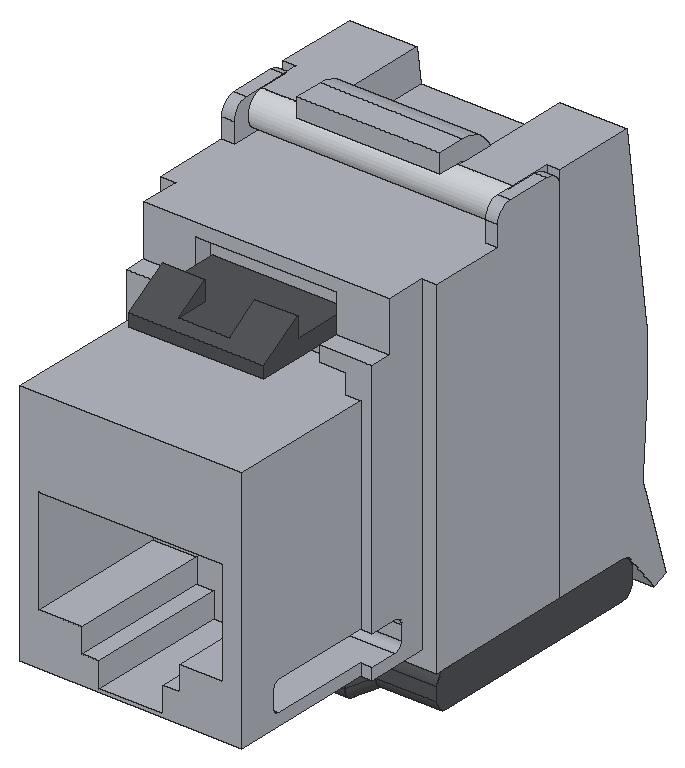
Revit family "RJ45 STP_ENG", category Equipement spécialisé, Revit 2020
Family settings
  Cote de connecteur circulaire = Utiliser le diamètre
  Type d'élément = Normal
  Basée sur le plan de construction = Non
  Toujours verticalement = Oui
  Couper avec des vides une fois chargée = Non
  Partagée = Oui
  Point de calcul de pièce = Non
Parameters (values of type "Connecteur RJ45 Catégorie 6A STP (lot de 24)")
  Type de connecteur = "RJ45"
  Température de stockage = "-10_à_70"
  Température de fonctionnement = "-10_à_60"
  Section AWG = "23-26"
  Référence Legrand = "632905"
  Profondeur = 34 mm
  Lien e-catalogue = "https://www.legrand.fr/reference/632905/pro"
  Libellé BIM = "Connecteur RJ45 Catégorie 6A STP (lot de 24)"
  Largeur (mm) = 18 mm
  IP = "IP20"
  IK = "IK04"
  Hauteur = 31 mm
  Fonction = "Prises murales RJ45"
  Elévation par défaut = 0 mm
  EAN = "3414972227216"
  Diamètre max du câble en entrée = "9MM"
  Couleur = IDS_ARGENT
  Classe ETIM = "EC001121"
  Catégorie = "6A"
  Blindé = yes
Types (3, lengths in mm): name | Référence Legrand | Lien e-catalogue | Libellé BIM | EAN | Catégorie
  Connecteur RJ45 Catégorie 6A STP (lot de 24) | "632905" | "https://www.legrand.fr/reference/632905/pro" | "Connecteur RJ45 Catégorie 6A STP (lot de 24)" | "3414972227216" | "6A"
  Connecteur RJ45 Catégorie 6 STP (lot de 24) | "632907" | "https://www.legrand.fr/reference/632907/pro" | "Connecteur RJ45 Catégorie 6 STP (lot de 24)" | "3414972227254" | "6"
  Connecteur RJ45 Catégorie 5e STP (lot de 24) | "632910" | "https://www.legrand.fr/reference/632910/pro" | "Connecteur RJ45 Catégorie 5e STP (lot de 24)" | "3414972227315" | "5e"
Reference planes
  plane 1 "Centre (avant/arrière)": y = 106
  plane 2: z = 0
  plane 3: x = 0
  plane 4: z = 16.075
  plane 5: x = 14.47
  plane 6: y = 115.65
  plane 7: x = 1.24
  plane 8: x = 13.23
  plane 9: z = 10.32
  plane 10: z = 3.44
  plane 11: z = 0.2
  plane 12: x = 5.16
  plane 13: x = 9.31
  plane 14: z = 1.86
  plane 15: x = 4.06
  plane 16: x = 10.41
  plane 17: y = 119.65
  plane 18: z = 21.675
  plane 19: z = -1
  plane 20: y = 117.05
  plane 21: z = 18.375
  plane 22: x = -0.765
  plane 23: x = 15.235
  plane 24: x = 7.235
  plane 25: z = 24
  plane 26: y = 129.65
  plane 27: y = 124.65
  plane 28: x = -1.765
  plane 29: x = 16.235
  plane 30: x = -0.94
  plane 31: x = 15.41
  plane 32: x = 7.235
  plane 33: z = 25.375
  plane 34: z = 24.125
  plane 35: y = 125.35
  plane 36: y = 126.85
  plane 37: z = 22.9
  plane 38: y = 131.35
  plane 39: y = 127.35
  plane 40: z = -4.8
  plane 41: y = 128.15
  plane 42: z = 22.875
  plane 43: y = 126.85
  plane 44: y = 136.75
  plane 45: z = 12.175
  plane 46: z = 8
  plane 47: y = 136.35
  plane 48: z = 3.25
  plane 49: y = 138.3
  plane 50: z = -3.3
  plane 51: y = 137.3
  plane 52: z = -3.7
  plane 53: y = 123.65
  plane 54: z = 10.5
  plane 55: z = -3.44
  plane 56: y = 135.55
  plane 57: z = -3.44
  plane 58: y = 135.55
  plane 59: z = -4.8
  plane 60: y = 108.5
  plane 61: z = 18.2
  plane 62: z = 19.4
  plane 63: y = 114.05
  plane 64: y = 111.35
  plane 65: z = 20.7
  plane 66: y = 113.65
  plane 67: z = 19
  plane 68: y = 114.2
  plane 69: z = -1.5
  plane 70: y = 111.3
Forms (mm)
  Extrusion 1, solid, material "IDS_ARGENT" <- "Couleur"
    sketch origin (0, 106, 0) x (1, 0, 0) y (0, 0, 1)
      loop
        line (0, 0) -> (14.47, 0) -> (14.47, 16.075) -> (0, 16.075) -> (0, 0)
    from 0 to -9.65
  Extrusion 2, void
    sketch origin (0, 106, 0) x (-1, 0, 0) y (0, 0, 1)
      loop
        line (-1.24, 3.44) -> (-1.24, 10.32) -> (-13.23, 10.32) -> (-13.23, 3.44) -> (-10.41, 3.44) -> (-10.41, 1.86) -> (-9.31, 1.86) -> (-9.31, 0.2) -> (-5.16, 0.2) -> (-5.16, 1.86) -> (-4.06, 1.86) -> (-4.06, 3.44) -> (-1.24, 3.44)
    from 0 to 9.3
  Extrusion 3, solid, material "IDS_ARGENT" <- "Couleur"
    sketch origin (-0.765, -1524, -4.284) x (0, 0, -1) y (0, -1, 0)
      loop
        line (-4.284, -1639.65) -> (-22.659, -1639.65) -> (-22.659, -1641.05) -> (-25.959, -1641.05) -> (-25.959, -1643.65) -> (-4.284, -1643.65) -> (-4.284, -1639.65)
    from 0 to -16
  Extrusion 4, void
    sketch origin (-27.014, 115.65, 1200) x (1, 0, 0) y (0, 0, 1)
      loop
        line (27.949, -1183.925) -> (40.549, -1183.925) -> (40.549, -1182.625) -> (38.849, -1182.625) -> (38.849, -1179.125) -> (29.649, -1179.125) -> (29.649, -1182.625) -> (27.949, -1182.625) -> (27.949, -1183.925)
    from 0 to -2.5
  Extrusion 5, solid, material "IDS_ARGENT" <- "Couleur"
    sketch origin (-1.765, -1524, -2.503) x (0, 0, -1) y (0, -1, 0)
      loop
        line (-1.503, -1653.65) -> (-1.503, -1643.65) -> (-24.178, -1643.65) -> (-24.178, -1648.65) -> (-25.503, -1648.65)
        arc (-25.503, -1648.65) -> (-26.21, -1648.943) -> (-26.503, -1649.65) r 1
        line (-26.503, -1649.65) -> (-26.503, -1652.65)
        arc (-26.503, -1652.65) -> (-26.21, -1653.357) -> (-25.503, -1653.65) r 1
        line (-25.503, -1653.65) -> (-1.503, -1653.65)
    from 0 to -18
  Extrusion 6, void
    sketch origin (0, 124.65, 27.667) x (0, 0, -1) y (-1, 0, 0)
      loop
        line (5.992, 0.94) -> (3.667, 0.94) -> (3.667, -15.41) -> (5.992, -15.41) -> (5.992, 0.94)
    from 0 to 5
  Extrusion 7, solid, material "IDS_ARGENT" <- "Couleur"
    sketch origin (7.235, -1524, 28.784) x (0, 0, 1) y (0, -1, 0)
      loop
        line (-7.109, -1650.85) -> (-7.109, -1653.65) -> (-5.809, -1653.65)
        arc (-5.809, -1653.65) -> (-4.112, -1652.947) -> (-3.409, -1651.25) r 2.4
        line (-3.409, -1651.25) -> (-3.409, -1649.35) -> (-4.659, -1649.35) -> (-4.659, -1650.85)
        arc (-4.659, -1650.85) -> (-5.884, -1652.075) -> (-7.109, -1650.85) r 1.225
    from -4.65 to 4.65
  Extrusion 8, solid, material "IDS_ARGENT" <- "Couleur"
    sketch origin (7.235, -1524, 28.784) x (0, 0, 1) y (0, -1, 0)
      loop
        line (-28.784, -1655.35) -> (-28.784, -1651.35) -> (-32.824, -1651.405)
        arc (-32.824, -1651.405) -> (-33.277, -1651.703) -> (-33.584, -1652.15) r 1.4
        line (-33.584, -1652.15) -> (-33.584, -1654.85)
        arc (-33.584, -1654.85) -> (-33.437, -1655.204) -> (-33.084, -1655.35) r 0.5
        line (-33.084, -1655.35) -> (-28.784, -1655.35)
    from -5 to 5
  Extrusion 9, solid
    sketch origin (7.235, -1524, 28.784) x (0, 0, 1) y (0, -1, 0)
      loop
        circle (-5.909, -1650.85) r 1.15
    from -8.175 to 8.175
  Extrusion 10, solid, material "IDS_ARGENT" <- "Couleur"
    sketch origin (7.235, -1524, 28.784) x (0, 0, 1) y (0, -1, 0)
      loop
        line (-29.784, -1653.65) -> (-29.784, -1659.2) -> (-32.484, -1661.3) -> (-32.084, -1662.3) -> (-26.482, -1660.565)
        arc (-26.482, -1660.565) -> (-26.012, -1660.46) -> (-25.534, -1660.413) r 4
        line (-25.534, -1660.413) -> (-20.73, -1660.75) -> (-17.147, -1660.75)
        arc (-17.147, -1660.75) -> (-16.613, -1660.714) -> (-16.089, -1660.608) r 4
        line (-16.089, -1660.608) -> (-4.759, -1659.1) -> (-4.759, -1650.85)
        arc (-4.759, -1650.85) -> (-5.909, -1649.7) -> (-7.059, -1650.85) r 1.15
        line (-7.059, -1650.85) -> (-7.059, -1653.65) -> (-29.784, -1653.65)
    from -9 to 9
  Extrusion 11, void
    sketch origin (-1.765, -1524, -2.503) x (0, 0, 1) y (0, -1, 0)
      loop
        line (24.228, -1653.65) -> (26.528, -1653.65) -> (26.528, -1650.85)
        arc (26.528, -1650.85) -> (25.378, -1649.7) -> (24.228, -1650.85) r 1.15
        line (24.228, -1650.85) -> (24.228, -1653.65)
    from 0.825 to 0
  Extrusion 12, void
    sketch origin (16.235, -1524, 29.162) x (0, 0, -1) y (0, -1, 0)
      loop
        line (5.137, -1650.85) -> (5.137, -1653.65) -> (7.437, -1653.65) -> (7.437, -1650.85)
        arc (7.437, -1650.85) -> (6.287, -1649.7) -> (5.137, -1650.85) r 1.15
    from 0 to 0.825
  Extrusion 13, void
    sketch origin (7.235, -1524, 28.784) x (0, 0, -1) y (0, -1, 0)
      loop
        line (4.759, -1659.1) -> (7.059, -1659.406) -> (7.059, -1650.85)
        arc (7.059, -1650.85) -> (5.909, -1652) -> (4.759, -1650.85) r 1.15
        line (4.759, -1650.85) -> (4.759, -1659.1)
    from -4.65 to 4.65
  Extrusion 14, void
    sketch origin (0, 123.65, 24.886) x (0, 0, -1) y (-1, 0, 0)
      loop
        circle (14.386, -7.235) r 4.9
    from 0 to 26.097
  Extrusion 15, solid, material "IDS_ARGENT" <- "Couleur"
    sketch origin (7.235, -1524, 28.784) x (0, 0, 1) y (0, -1, 0)
      loop
        line (-29.784, -1655.35) -> (-33.384, -1655.35) -> (-34.205, -1660.007)
        arc (-34.205, -1660.007) -> (-33.951, -1660.533) -> (-33.371, -1660.46) r 0.5
        line (-33.371, -1660.46) -> (-29.784, -1657.114) -> (-29.784, -1655.35)
    from -5 to 5
  Extrusion 16, solid, material "IDS_NOIR"
    sketch origin (2.235, -1524, 28.784) x (0, 0, -1) y (0, -1, 0)
      loop
        line (32.224, -1658.75) -> (32.224, -1644.45)
        arc (32.224, -1644.45) -> (31.989, -1643.884) -> (31.424, -1643.65) r 0.8
        line (31.424, -1643.65) -> (30.584, -1643.65)
        arc (30.584, -1643.65) -> (30.018, -1643.884) -> (29.784, -1644.45) r 0.8
        line (29.784, -1644.45) -> (29.784, -1658.75)
        arc (29.784, -1658.75) -> (30.018, -1659.316) -> (30.584, -1659.55) r 0.8
        line (30.584, -1659.55) -> (31.424, -1659.55)
        arc (31.424, -1659.55) -> (31.989, -1659.316) -> (32.224, -1658.75) r 0.8
    from 0 to 4
  Extrusion 17, solid, material "IDS_NOIR"
    sketch origin (12.235, -1524, 28.784) x (0, 0, -1) y (0, 1, 0)
      loop
        arc (32.224, 1658.75) -> (31.989, 1659.316) -> (31.424, 1659.55) r 0.8
        line (31.424, 1659.55) -> (30.584, 1659.55)
        arc (30.584, 1659.55) -> (30.018, 1659.316) -> (29.784, 1658.75) r 0.8
        line (29.784, 1658.75) -> (29.784, 1644.45)
        arc (29.784, 1644.45) -> (30.018, 1643.884) -> (30.584, 1643.65) r 0.8
        line (30.584, 1643.65) -> (31.424, 1643.65)
        arc (31.424, 1643.65) -> (31.989, 1643.884) -> (32.224, 1644.45) r 0.8
        line (32.224, 1644.45) -> (32.224, 1658.75)
    from 0 to 4
  Extrusion 18, solid, material "IDS_NOIR"
    sketch origin (7.235, -1524, 28.784) x (0, 0, 1) y (0, -1, 0)
      loop
        line (-29.784, -1658.75) -> (-29.784, -1657.95)
        arc (-29.784, -1657.95) -> (-30.018, -1657.384) -> (-30.584, -1657.15) r 0.8
        line (-30.584, -1657.15) -> (-31.424, -1657.15)
        arc (-31.424, -1657.15) -> (-31.989, -1657.384) -> (-32.224, -1657.95) r 0.8
        line (-32.224, -1657.95) -> (-32.224, -1658.75)
        arc (-32.224, -1658.75) -> (-31.989, -1659.316) -> (-31.424, -1659.55) r 0.8
        line (-31.424, -1659.55) -> (-30.584, -1659.55)
        arc (-30.584, -1659.55) -> (-30.018, -1659.316) -> (-29.784, -1658.75) r 0.8
    from -5 to 5
  Extrusion 19, solid, material "IDS_NOIR"
    sketch origin (7.235, -1524, 28.784) x (0, 0, 1) y (0, -1, 0)
      loop
        arc (-31.034, -1644.45) -> (-31.268, -1643.884) -> (-31.834, -1643.65) r 0.8
        line (-31.834, -1643.65) -> (-32.784, -1643.65)
        arc (-32.784, -1643.65) -> (-33.349, -1643.884) -> (-33.584, -1644.45) r 0.8
        line (-33.584, -1644.45) -> (-33.584, -1650.55)
        arc (-33.584, -1650.55) -> (-33.349, -1651.116) -> (-32.784, -1651.35) r 0.8
        line (-32.784, -1651.35) -> (-31.834, -1651.35)
        arc (-31.834, -1651.35) -> (-31.268, -1651.116) -> (-31.034, -1650.55) r 0.8
        line (-31.034, -1650.55) -> (-31.034, -1644.45)
    from -3 to 3
  SweptBlend 20, solid, material "IDS_NOIR"
    path origin (7.235, 119.65, -4) x (0, 0, 1) y (-1, 0, 0)
      loop
        line (0.95, 3) -> (0.95, 5)
    profile origin (4.235, 119.65, -3.05) x (0, 0, -1) y (0, -1, 0)
      loop
        line (-0.8, -0.8) -> (-0.8, -6.9)
        arc (-0.8, -6.9) -> (-0.566, -7.466) -> (0, -7.7) r 0.8
        line (0, -7.7) -> (0.95, -7.7)
        arc (0.95, -7.7) -> (1.516, -7.466) -> (1.75, -6.9) r 0.8
        line (1.75, -6.9) -> (1.75, -0.8)
        arc (1.75, -0.8) -> (1.516, -0.234) -> (0.95, 0) r 0.8
        line (0.95, 0) -> (0, 0)
        arc (0, 0) -> (-0.566, -0.234) -> (-0.8, -0.8) r 0.8
    end profile origin (2.235, 119.65, -3.05) x (0, 0, -1) y (0, -1, 0)
      loop
        line (-0.41, 0) -> (-1.25, 0)
        arc (-1.25, 0) -> (-1.816, -0.234) -> (-2.05, -0.8) r 0.8
        line (-2.05, -0.8) -> (-2.05, -6.9)
        arc (-2.05, -6.9) -> (-1.816, -7.466) -> (-1.25, -7.7) r 0.8
        line (-1.25, -7.7) -> (-0.41, -7.7)
        arc (-0.41, -7.7) -> (0.156, -7.466) -> (0.39, -6.9) r 0.8
        line (0.39, -6.9) -> (0.39, -0.8)
        arc (0.39, -0.8) -> (0.156, -0.234) -> (-0.41, 0) r 0.8
  SweptBlend 21, solid, material "IDS_NOIR"
    path origin (7.235, 119.65, -4) x (0, 0, 1) y (-1, 0, 0)
      loop
        line (0.886, -3) -> (0.886, -5)
    profile origin (10.235, 119.65, -3.114) x (0, 0, 1) y (0, -1, 0)
      loop
        line (-1.686, -0.8) -> (-1.686, -6.9)
        arc (-1.686, -6.9) -> (-1.452, -7.466) -> (-0.886, -7.7) r 0.8
        line (-0.886, -7.7) -> (0.064, -7.7)
        arc (0.064, -7.7) -> (0.629, -7.466) -> (0.864, -6.9) r 0.8
        line (0.864, -6.9) -> (0.864, -0.8)
        arc (0.864, -0.8) -> (0.629, -0.234) -> (0.064, 0) r 0.8
        line (0.064, 0) -> (-0.886, 0)
        arc (-0.886, 0) -> (-1.452, -0.234) -> (-1.686, -0.8) r 0.8
    end profile origin (12.235, 119.65, -3.114) x (0, 0, 1) y (0, -1, 0)
      loop
        arc (0.474, 0) -> (-0.092, -0.234) -> (-0.326, -0.8) r 0.8
        line (-0.326, -0.8) -> (-0.326, -6.9)
        arc (-0.326, -6.9) -> (-0.092, -7.466) -> (0.474, -7.7) r 0.8
        line (0.474, -7.7) -> (1.314, -7.7)
        arc (1.314, -7.7) -> (1.879, -7.466) -> (2.114, -6.9) r 0.8
        line (2.114, -6.9) -> (2.114, -0.8)
        arc (2.114, -0.8) -> (1.879, -0.234) -> (1.314, 0) r 0.8
        line (1.314, 0) -> (0.474, 0)
  Extrusion 22, void
    sketch origin (14.47, 106, 0) x (0, 0, -1) y (0, -1, 0)
      loop
        arc (-0.75, -3.03) -> (-0.896, -2.676) -> (-1.25, -2.53) r 0.5
        line (-1.25, -2.53) -> (-2.225, -2.53)
        arc (-2.225, -2.53) -> (-2.579, -2.676) -> (-2.725, -3.03) r 0.5
        line (-2.725, -3.03) -> (-2.725, -11.53)
        arc (-2.725, -11.53) -> (-2.579, -11.884) -> (-2.225, -12.03) r 0.5
        line (-2.225, -12.03) -> (-1.25, -12.03)
        arc (-1.25, -12.03) -> (-0.896, -11.884) -> (-0.75, -11.53) r 0.5
        line (-0.75, -11.53) -> (-0.75, -3.03)
    from -0.765 to 2.76
  Extrusion 23, void
    sketch origin (0, 106, 0) x (0, 0, -1) y (0, 1, 0)
      loop
        line (-0.75, 3) -> (-0.75, 11.5)
        arc (-0.75, 11.5) -> (-0.896, 11.854) -> (-1.25, 12) r 0.5
        line (-1.25, 12) -> (-2.225, 12)
        arc (-2.225, 12) -> (-2.579, 11.854) -> (-2.725, 11.5) r 0.5
        line (-2.725, 11.5) -> (-2.725, 3)
        arc (-2.725, 3) -> (-2.579, 2.646) -> (-2.225, 2.5) r 0.5
        line (-2.225, 2.5) -> (-1.25, 2.5)
        arc (-1.25, 2.5) -> (-0.896, 2.646) -> (-0.75, 3) r 0.5
    from -0.765 to 2.76
  Extrusion 24, solid, material "IDS_NOIR"
    sketch origin (7.235, -1524, 28.784) x (0, 0, 1) y (0, -1, 0)
      loop
        line (-10.584, -1642.15) -> (-9.384, -1642.15) -> (-9.384, -1638.05) -> (-8.084, -1638.05) -> (-9.784, -1635.35) -> (-10.584, -1635.35) -> (-10.584, -1642.15)
    from -4.4 to 4.4
  Extrusion 25, void
    sketch origin (7.235, 118.15, 19.4) x (1, 0, 0) y (0, -1, 0)
      loop
        line (-1.65, 6.8) -> (-1.65, 4.1) -> (1.65, 4.1) -> (1.65, 6.8) -> (-1.65, 6.8)
    from -1.3 to 0
  Extrusion 26, solid, material "IDS_ARGENT" <- "Couleur"
    sketch origin (7.235, -1524, 28.784) x (0, 0, 1) y (0, -1, 0)
      loop
        line (-28.784, -1638.2) -> (-28.784, -1635.3) -> (-30.284, -1638.2) -> (-28.784, -1638.2)
    from -5.25 to 5.25
Cuts and joins
  Extrusion 2, Extrusion 4, Extrusion 14, Extrusion 22, Extrusion 23 cuts Extrusion 1
  Extrusion 4, Extrusion 14, Extrusion 22, Extrusion 23 cuts Extrusion 3
  Extrusion 6, Extrusion 22, Extrusion 23 cuts Extrusion 5
  joined: Extrusion 1, Extrusion 3, Extrusion 5, Extrusion 26
  Extrusion 11, Extrusion 13 cuts Extrusion 9
  Extrusion 11, Extrusion 12, Extrusion 13, Extrusion 14 cuts Extrusion 10
  joined: Extrusion 16, Extrusion 17, Extrusion 18, Extrusion 19
  joined: SweptBlend 20, SweptBlend 21
  Extrusion 25 cuts Extrusion 24
Dimensions and locks
  locked: plane 4 to level at 16.075
  locked: plane 5 to plane 3 at 14.47
  locked: plane 1 "Centre (avant/arrière)" to plane 6 at 9.65
  plane 7 to plane 3 = 1.24 mm
  plane 5 to plane 8 = 1.24 mm
  plane 11 to level = 0.2 mm
  plane 15 to plane 7 = 2.82 mm
  plane 8 to plane 16 = 2.82 mm
  plane 12 to plane 15 = 1.1 mm
  plane 16 to plane 13 = 1.1 mm
  plane 14 to plane 11 = 1.66 mm
  plane 10 to plane 14 = 1.58 mm
  plane 9 to plane 10 = 6.88 mm
  plane 17 to plane 6 = 4 mm
  locked: plane 18 to plane 4 at 5.6
  plane 21 to plane 4 = 2.3 mm
  plane 20 to plane 6 = 1.4 mm
  locked: plane 22 to plane 3 at 0.765
  locked: plane 5 to plane 23 at 0.765
  equal spacing: plane 22, plane 24, plane 23
  equal spacing: Extrusion 4 sketch curve, plane 24, Extrusion 4 sketch curve  (x2)
  Extrusion 4 sketch curve to Extrusion 4 sketch curve to plane 4 = 3.5 mm, 1.3 mm
  plane 24 to Extrusion 4 sketch curve = 6.3 mm
  plane 24 to Extrusion 4 sketch curve = 4.6 mm
  locked: level to plane 19 at 1
  plane 26 to plane 17 = 10 mm
  plane 26 to plane 27 = 5 mm
  locked: plane 28 to plane 22 at 1
  locked: plane 29 to plane 23 at 1
  plane 28 to plane 30 = 0.825 mm
  plane 29 to plane 31 = 0.825 mm
  plane 25 to plane 18 = 2.325 mm
  equal spacing: plane 28, plane 32, plane 29, locked at 9 each
  plane 33 to plane 18 = 3.7 mm
  plane 33 to plane 34 = 1.25 mm
  plane 26 to plane 35 = 4.3 mm
  plane 36 to plane 35 = 1.5 mm
  equal spacing: plane 34, plane 37, cut or joined group 1 (Extrusion 1, Extrusion 2, Extrusion 3, Extrusion 4, Extrusion 5, Extrusion 6, Extrusion 14, Extrusion 22, Extrusion 23, Extrusion 26)
  locked: plane 38 to cut or joined group 1 at 1.7
  plane 38 to plane 39 = 4 mm
  plane 38 to plane 41 = 3.2 mm
  plane 42 to plane 18 = 1.2 mm
  Extrusion 10 sketch curve to cut or joined group 1 = 5.45 mm
  plane 19 to plane 48 = 4.25 mm
  plane 46 to plane 19 = 9 mm
  plane 25 to plane 45 = 11.825 mm
  plane 44 to cut or joined group 1 = 7.1 mm
  plane 47 to cut or joined group 1 = 6.7 mm
  cut or joined group 1 to plane 49 = 8.65 mm
  plane 19 to plane 50 = 2.3 mm
  plane 19 to plane 52 = 2.7 mm
  plane 26 to plane 53 = 6 mm
  plane 54 to plane 25 = 13.5 mm
  plane 19 to Extrusion 15 sketch curve = 3.6 mm
  plane 19 to plane 40 = 3.8 mm
  plane 55 to cut or joined group of Extrusion 10, Extrusion 11, Extrusion 12, Extrusion 13, Extrusion 14 = 2.44 mm
  plane 56 to plane 17 = 15.9 mm
  plane 19 to Extrusion 19 sketch curve = 1.25 mm
  cut or joined group 1 to Extrusion 22 sketch curve = 0.75 mm
  Extrusion 22 sketch curve to Extrusion 22 sketch curve = 1.975 mm
  Extrusion 22 sketch curve to cut or joined group 1 = 2.53 mm
  Extrusion 22 sketch curve to Extrusion 22 sketch curve = 9.5 mm
  Extrusion 23 sketch curve to Extrusion 23 sketch curve = 1.975 mm
  Extrusion 23 sketch curve to Extrusion 23 sketch curve = 9.5 mm
  plane 60 to plane 1 "Centre (avant/arrière)" = 2.5 mm
  plane 26 to plane 43 = 2.8 mm
  plane 61 to level = 18.2 mm
  plane 62 to plane 61 = 1.2 mm
  cut or joined group 1 to plane 64 = 5.7 mm
  cut or joined group 1 to plane 63 = 3 mm
  plane 65 to plane 62 = 1.3 mm
  plane 67 to plane 61 = 0.8 mm
  equal spacing: Extrusion 25 sketch curve, plane 32, Extrusion 25 sketch curve
  plane 32 to Extrusion 25 sketch curve = 1.65 mm
  plane 68 to plane 1 "Centre (avant/arrière)" = 8.2 mm
  radius of Extrusion 9 sketch curve = 1.15 mm
  angle Extrusion 15 sketch curve to Extrusion 15 sketch curve = 100.00°
  angle Extrusion 15 sketch curve to Extrusion 15 sketch curve = 37.00°
  aligned and locked: level to plane 2
  aligned and locked: plane 2 to Extrusion 1 sketch curve
  aligned and locked: plane 3 to Extrusion 1 sketch curve
  aligned and locked: Extrusion 1 sketch curve to plane 4
  aligned and locked: plane 5 to Extrusion 1 sketch curve
  aligned and locked: plane 6 to Extrusion 1
  aligned and locked: Extrusion 2 sketch curve to plane 7
  aligned and locked: plane 9 to Extrusion 2 sketch curve
  aligned and locked: plane 8 to Extrusion 2 sketch curve
  aligned and locked: Extrusion 2 sketch curve to plane 10  (x2)
  aligned and locked: plane 16 to Extrusion 2 sketch curve
  aligned and locked: Extrusion 2 sketch curve to plane 14  (x2)
  aligned and locked: plane 13 to Extrusion 2 sketch curve
  aligned and locked: Extrusion 2 sketch curve to plane 11
  aligned and locked: plane 12 to Extrusion 2 sketch curve
  aligned and locked: Extrusion 2 sketch curve to plane 15
  aligned and locked: Extrusion 3 sketch curve to plane 17
  aligned and locked: plane 18 to Extrusion 3 sketch curve
  aligned and locked: Extrusion 3 sketch curve to plane 20
  aligned and locked: plane 21 to Extrusion 3 sketch curve
  aligned and locked: Extrusion 3 sketch curve to plane 6
  aligned and locked: plane 23 to Extrusion 3
  aligned and locked: Extrusion 4 sketch curve to Extrusion 4 sketch curve
  aligned and locked: Extrusion 4 sketch curve to plane 4
  aligned and locked: Extrusion 5 sketch curve to plane 26
  aligned and locked: plane 25 to Extrusion 5 sketch curve
  aligned and locked: plane 27 to Extrusion 5 sketch curve
  aligned and locked: Extrusion 5 sketch curve to plane 18
  aligned and locked: Extrusion 5 sketch curve to Extrusion 3
  aligned and locked: Extrusion 5 sketch curve to plane 19
  aligned and locked: plane 29 to Extrusion 5
  aligned and locked: plane 18 to Extrusion 6 sketch curve
  aligned and locked: plane 30 to Extrusion 6 sketch curve
  aligned and locked: Extrusion 6 sketch curve to plane 25
  aligned and locked: Extrusion 6 sketch curve to plane 31
  aligned and locked: Extrusion 6 to plane 26
  aligned and locked: Extrusion 7 sketch curve to cut or joined group 1
  aligned and locked: cut or joined group 1 to Extrusion 7 sketch curve
  aligned and locked: plane 33 to Extrusion 7 sketch curve
  aligned and locked: Extrusion 7 sketch curve to plane 35
  aligned and locked: plane 34 to Extrusion 7 sketch curve
  aligned and locked: plane 38 to Extrusion 8 sketch curve
  aligned and locked: plane 41 to Extrusion 8 sketch curve
  aligned and locked: plane 40 to Extrusion 8 sketch curve
  aligned and locked: Extrusion 8 sketch curve to level
  aligned and locked: Extrusion 9 to cut or joined group 1
  aligned and locked: cut or joined group 1 to Extrusion 9
  aligned and locked: Extrusion 10 sketch curve to plane 26
  aligned and locked: Extrusion 10 sketch curve to Extrusion 9
  aligned and locked: plane 44 to Extrusion 10 sketch curve
  aligned and locked: plane 48 to Extrusion 10 sketch curve
  aligned and locked: plane 50 to Extrusion 10 sketch curve
  aligned and locked: cut or joined group 1 to Extrusion 10 sketch curve
  aligned and locked: plane 51 to Extrusion 10 sketch curve
  aligned and locked: plane 29 to Extrusion 10
  aligned and locked: plane 28 to Extrusion 10
  aligned and locked: Extrusion 11 sketch curve to Extrusion 10  (x2)
  aligned and locked: Extrusion 11 sketch curve to Extrusion 7
  aligned and locked: Extrusion 11 to cut or joined group 1
  aligned and locked: Extrusion 12 to cut or joined group 1
  aligned and locked: Extrusion 13 sketch curve to cut or joined group of Extrusion 10, Extrusion 11, Extrusion 12, Extrusion 13, Extrusion 14  (x3)
  aligned and locked: Extrusion 13 sketch curve to cut or joined group of Extrusion 9, Extrusion 11, Extrusion 13
  aligned and locked: Extrusion 13 to Extrusion 7
  aligned and locked: Extrusion 7 to Extrusion 13
  aligned and locked: plane 38 to Extrusion 15 sketch curve
  aligned and locked: plane 19 to Extrusion 15 sketch curve
  aligned and locked: plane 55 to Extrusion 16 sketch curve
  aligned and locked: Extrusion 16 sketch curve to plane 56
  aligned and locked: cut or joined group 1 to Extrusion 16 sketch curve
  aligned and locked: Extrusion 16 sketch curve to cut or joined group 1
  aligned and locked: Extrusion 8 to Extrusion 15
  aligned and locked: Extrusion 15 to Extrusion 8
  aligned and locked: plane 28 to Extrusion 16
  aligned and locked: plane 57 to Extrusion 17 sketch curve
  aligned and locked: plane 58 to Extrusion 17 sketch curve
  aligned and locked: plane 29 to Extrusion 17
  aligned and locked: Extrusion 17 to Extrusion 8
  aligned and locked: Extrusion 18 sketch curve to Extrusion 16
  aligned and locked: Extrusion 16 to Extrusion 18 sketch curve
  aligned and locked: plane 19 to Extrusion 18 sketch curve
  aligned and locked: Extrusion 8 to Extrusion 18  (x2)
  aligned and locked: plane 59 to Extrusion 8
  aligned and locked: plane 59 to Extrusion 19 sketch curve
  aligned and locked: SweptBlend 20 sketch curve to Extrusion 19  (x4)
  aligned and locked: SweptBlend 20 sketch curve to Extrusion 16  (x2)
  aligned and locked: SweptBlend 21 sketch curve to Extrusion 19  (x4)
  aligned and locked: SweptBlend 21 sketch curve to Extrusion 17  (x2)
  aligned and locked: Extrusion 3 to Extrusion 23
  aligned and locked: Extrusion 22 to Extrusion 3
  aligned and locked: plane 60 to Extrusion 23 sketch curve
  aligned and locked: cut or joined group 1 to Extrusion 24 sketch curve
  aligned and locked: plane 62 to Extrusion 24 sketch curve
  aligned and locked: plane 63 to Extrusion 24 sketch curve
  aligned and locked: plane 61 to Extrusion 24 sketch curve
  aligned and locked: plane 67 to Extrusion 24 sketch curve
  aligned and locked: Extrusion 24 sketch curve to plane 64
  aligned and locked: plane 68 to Extrusion 26 sketch curve
  aligned and locked: Extrusion 26 sketch curve to level
Automatic sketch dimensions
  Extrusion 3 sketch curve to level = 0 mm
  Extrusion 5 sketch curve to plane 25 = 1 mm  (x2)
  Extrusion 7 sketch curve to plane 36 = 0 mm  (x2)
  plane 37 to Extrusion 7 sketch curve = 0.075 mm
  Extrusion 8 sketch curve to plane 39 = 0 mm
  Extrusion 8 sketch curve to Extrusion 8 sketch curve = 0.5 mm
  Extrusion 8 sketch curve to plane 39 = 0.055 mm
  plane 40 to Extrusion 8 sketch curve = 0.759 mm
  Extrusion 8 sketch curve to plane 41 = 0.553 mm
  Extrusion 9 sketch curve to plane 42 = 0 mm
  Extrusion 9 sketch curve to plane 43 = 0 mm
  Extrusion 10 sketch curve to plane 52 = 0 mm
  Extrusion 10 sketch curve to plane 49 = 0 mm
  plane 44 to Extrusion 10 sketch curve = 0.185 mm
  Extrusion 10 sketch curve to plane 48 = 0.948 mm
  plane 48 to Extrusion 10 sketch curve = 0.156 mm
  plane 46 to Extrusion 10 sketch curve = 0.054 mm
  Extrusion 10 sketch curve to plane 45 = 0.539 mm
  plane 44 to Extrusion 10 sketch curve = 0.142 mm
  Extrusion 10 sketch curve to Extrusion 10 sketch curve = 1.058 mm
  plane 49 to Extrusion 10 sketch curve = 2.109 mm
  plane 47 to Extrusion 10 sketch curve = 1.15 mm
  Extrusion 12 sketch curve to plane 26 = 0 mm
  plane 25 to Extrusion 12 sketch curve = 0.025 mm
  Extrusion 12 sketch curve to plane 25 = 1.125 mm
  Extrusion 12 sketch curve to plane 27 = 2.2 mm
  Extrusion 13 sketch curve to Extrusion 13 sketch curve = 0 mm  (x2)
  Extrusion 14 sketch curve to plane 32 = 0 mm
  Extrusion 14 sketch curve to plane 54 = 0 mm
  Extrusion 15 sketch curve to plane 19 = 3.929 mm
  Extrusion 15 sketch curve to Extrusion 15 sketch curve = 0.492 mm
  Extrusion 15 sketch curve to Extrusion 15 sketch curve = 0.341 mm
  Extrusion 15 sketch curve to Extrusion 15 sketch curve = 0.087 mm
  Extrusion 16 sketch curve to Extrusion 16 sketch curve = 0.8 mm  (x2)
  Extrusion 16 sketch curve to Extrusion 16 sketch curve = 0.84 mm  (x2)
  Extrusion 17 sketch curve to plane 19 = 0 mm
  Extrusion 17 sketch curve to plane 17 = 0 mm
  Extrusion 17 sketch curve to plane 19 = 0.8 mm
  Extrusion 17 sketch curve to Extrusion 17 sketch curve = 0.8 mm
  plane 57 to Extrusion 17 sketch curve = 0.8 mm  (x2)
  Extrusion 18 sketch curve to Extrusion 18 sketch curve = 0.8 mm  (x3)
  Extrusion 18 sketch curve to plane 19 = 0.8 mm
  Extrusion 18 sketch curve to Extrusion 18 sketch curve = 0 mm
  Extrusion 19 sketch curve to plane 17 = 0 mm
  plane 59 to Extrusion 19 sketch curve = 0.8 mm  (x2)
  Extrusion 19 sketch curve to Extrusion 19 sketch curve = 0.95 mm  (x2)
  Extrusion 19 sketch curve to plane 27 = 1.9 mm
  SweptBlend 20 sketch curve to Extrusion 19 = 0 mm  (x2)
  SweptBlend 20 sketch curve to Extrusion 19 = 2 mm
  SweptBlend 20 sketch curve to SweptBlend 20 sketch curve = 0.8 mm
  profile plane to SweptBlend 20 sketch curve = 0.41 mm
  SweptBlend 20 sketch curve to SweptBlend 20 sketch curve = 6.1 mm
  Extrusion 19 to SweptBlend 21 sketch curve = 0 mm
  Extrusion 19 to SweptBlend 21 sketch curve = 0.064 mm
  SweptBlend 21 sketch curve to Extrusion 19 = 2 mm
  SweptBlend 21 sketch curve to profile plane = 0.474 mm
  SweptBlend 21 sketch curve to SweptBlend 21 sketch curve = 0.84 mm
  SweptBlend 21 sketch curve to SweptBlend 21 sketch curve = 6.1 mm
  Extrusion 22 sketch curve to Extrusion 22 sketch curve = 0.5 mm  (x4)
  level to Extrusion 23 sketch curve = 2.725 mm
  Extrusion 23 sketch curve to Extrusion 23 sketch curve = 0.5 mm  (x4)
  Extrusion 24 sketch curve to plane 65 = 0 mm
  Extrusion 24 to Extrusion 25 sketch curve = 0 mm
  Extrusion 24 to Extrusion 25 sketch curve = 2.7 mm
  Extrusion 26 sketch curve to plane 69 = 0 mm
  Extrusion 26 sketch curve to plane 70 = 0 mm
  radius of Extrusion 14 sketch curve = 4.9 mm
